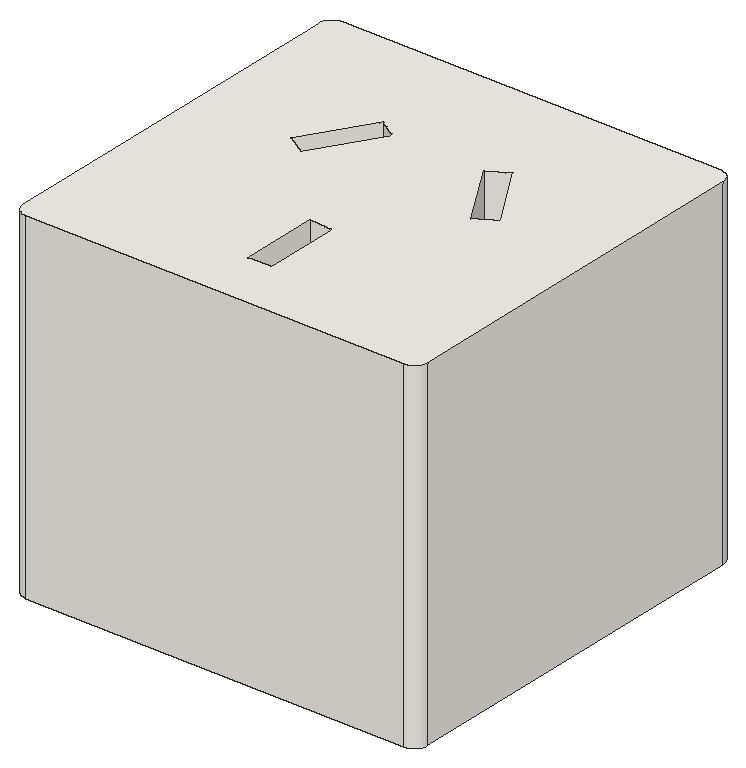
Revit family "Domotics-DomesticRanges-GEWISS-CHORUS_POWER-SOCKET-OUTLET_CHINA", category Apparecchi elettrici, host Superficie, Revit 2016
Family settings
  Host = Superficie
  Mantenere orientamento annotazione = Sì
  Tipo di parte = Normale
  Quota connettore circolare = Usa diametro
  Taglio con vuoti quando caricato = Sì
  Condiviso = Sì
  Punto di calcolo locali = Sì
Parameters (values of type "GW14392 - CHINESE STD 2P+E 16A CH/TI")
  Volt = 230 V
  Vista in pianta [instance] = yes
  Version file RFA = "19.0"
  URL = "https://www.gewiss.com/ww/en"
  Technical sheet = "https://www.gewiss.com/ww/en/search?q=GW14392"
  TXT ELETTRICO = "16"
  TIPO_ = Chorus Prese Australia_GENERICO : GW14307 Presa 2M 2P+T 15A standard Australiano titanio
  Simbolo [instance] = yes
  Realized by GEWISS S.p.A. = ""
  Default Elevation = 1219.2 mm
  Produttore = "GEWISS S.p.A."
  Offset presa [instance] = 0 mm
  Offset bidimensionale [instance] = 2 mm
  N. poli = 1
  Modello = "GW14392"
  Immagine tipo = GW14392.jpg
  IFC.TypeObject = ""
  IFC.ExportType = ""
  IFC.ExportAs = ""
  IDT = "aaf2509b-0dc0-40c7-94b0-3c64b419fe1f"
  IDF = "14ab5456-2b76-4947-be2c-9dddb89139cf"
  Finitura = GEWISS TITANIO
  Electrocod = "0131                "
  EAN code = "8011564445062"
  Distanza_x [instance] = 0 mm
  Distanza_effettiva_x [instance] = 1000 mm - Distanza_x  # 1000 mm
  Descrizione = "CHINESE STD 2P+E 16A CH/TI"
  Catalogue Range = "CHORUS - DOMESTIC RANGE"
  Catalogue = "DOMOTICS"
  Carico apparente = 0 VA
  COBie.Tagnumber = ""
  COBie.CreatedOn = ""
  COBie.CreatebBy = ""
  COBie.ComponentRegisterItemID = ""
  COBie.Component.TagNumber = ""
  COBie.Component.Space = ""
  COBie.Component.SerialNumber = ""
  COBie.Component.InstallationDate = ""
  COBie.Component.Description = ""
  COBie.Component.BarCode = ""
Types (6, lengths in mm): name | Technical sheet | TXT ELETTRICO | TIPO_ | Modello | Immagine tipo | IDT | Finitura | EAN code | Descrizione
  GW10391 - CHINESE STD 2P+E 10A CH/WT | "https://www.gewiss.com/ww/en/search?q=GW10391" | "10" | Chorus Prese Australia_GENERICO : GW10306 Presa 2M 2P+T 10A standard Australiano bianco | "GW10391" | GW10391.jpg | "132cb7bb-fa1a-4216-a1ee-2915bed79d81" | GEWISS BIANCO | "8011564445017" | "CHINESE STD 2P+E 10A CH/WT"
  GW10392 - CHINESE STD 2P+E 16A CH/WT | "https://www.gewiss.com/ww/en/search?q=GW10392" | "16" | Chorus Prese Australia_GENERICO : GW10307 Presa 2M 2P+T 15A standard Australiano bianco | "GW10392" | GW10392.jpg | "20cc2ec2-02a8-4027-a97f-1b627607af1f" | GEWISS BIANCO | "8011564445048" | "CHINESE STD 2P+E 16A CH/WT"
  GW12391 - CHINESE STD 2P+E 10A CH/BK | "https://www.gewiss.com/ww/en/search?q=GW12391" | "10" | Chorus Prese Australia_GENERICO : GW12306 Presa 2M 2P+T 10A standard Australiano nero | "GW12391" | GW12391.jpg | "db8c6ee2-33aa-40ad-b95c-b8558b23acd8" | GEWISS NERO | "8011564445024" | "CHINESE STD 2P+E 10A CH/BK"
  GW12392 - CHINESE STD 2P+E 16A CH/BK | "https://www.gewiss.com/ww/en/search?q=GW12392" | "16" | Chorus Prese Australia_GENERICO : GW12307 Presa 2M 2P+T 15A standard Australiano nero | "GW12392" | GW12392.jpg | "95d89cdc-7e31-4b78-9a5f-e7e7c2a5d3b4" | GEWISS NERO | "8011564445055" | "CHINESE STD 2P+E 16A CH/BK"
  GW14391 - CHINESE STD 2P+E 10A CH/TI | "https://www.gewiss.com/ww/en/search?q=GW14391" | "10" | Chorus Prese Australia_GENERICO : GW14306 Presa 2M 2P+T 10A standard Australiano titanio | "GW14391" | GW14391.jpg | "4a79c63e-dc43-4889-b7ea-e78446ceac77" | GEWISS TITANIO | "8011564445031" | "CHINESE STD 2P+E 10A CH/TI"
  GW14392 - CHINESE STD 2P+E 16A CH/TI | "https://www.gewiss.com/ww/en/search?q=GW14392" | "16" | Chorus Prese Australia_GENERICO : GW14307 Presa 2M 2P+T 15A standard Australiano titanio | "GW14392" | GW14392.jpg | "aaf2509b-0dc0-40c7-94b0-3c64b419fe1f" | GEWISS TITANIO | "8011564445062" | "CHINESE STD 2P+E 16A CH/TI"
Reference planes
  plane 1 "Centro (Fronte/Retro)": y = 0
  plane 2: z = 0
  plane 3 "Centro (Sinistra/Destra)": x = 0
  plane 4: x = -1000
  plane 5: x = 0
  plane 6: z = 0
  plane 7: z = 41
  plane 8: z = 39
Lines and regions (mm)
  Masking region 1, visible <- "Vista in pianta"
    outline origin (0, 0, 0) x (1, 0, 0) y (0, 1, 0)
      loop
        line (-23, 21) -> (-23, -21)
        arc (-23, -21) -> (-22.561, -22.061) -> (-21.5, -22.5) r 1.5
        line (-21.5, -22.5) -> (21.5, -22.5)
        arc (21.5, -22.5) -> (22.561, -22.061) -> (23, -21) r 1.5
        line (23, -21) -> (23, 21)
        arc (23, 21) -> (22.561, 22.061) -> (21.5, 22.5) r 1.5
        line (21.5, 22.5) -> (-21.5, 22.5)
        arc (-21.5, 22.5) -> (-22.561, 22.061) -> (-23, 21) r 1.5
      loop
        line (-1.339, -7.4) -> (-1.339, -16.128) -> (1.296, -16.128) -> (1.296, -7.4) -> (-1.339, -7.4)
      loop
        line (-9.737, 1.803) -> (-5.184, 9.25) -> (-7.432, 10.625) -> (-11.985, 3.178) -> (-9.737, 1.803)
      loop
        line (7.39, 10.625) -> (5.142, 9.25) -> (9.695, 1.803) -> (11.943, 3.178) -> (7.39, 10.625)
  Masking region 2, visible <- "Vista in pianta"
    outline origin (0, 0, 0) x (1, 0, 0) y (0, 0, 1)
      loop
        line (-23, 39) -> (-23, 0) -> (23, 0) -> (23, 39) -> (-23, 39)
  Masking region 3, visible <- "Vista in pianta"
    outline origin (0, 0, 0) x (0, 1, 0) y (0, 0, 1)
      loop
        line (-22.5, 39) -> (-22.5, 0) -> (22.5, 0) -> (22.5, 39) -> (-22.5, 39)
Dimensions and locks
  plane 4 to plane 3 "Centro (Sinistra/Destra)" = 1000 mm
  "Distanza_effettiva_x": plane 4 to plane 5
  "Offset presa": plane 6 to host face
  locked: plane 8 to plane 6 at 39
  "Offset bidimensionale": plane 7 to plane 8
  aligned and locked: plane 2 to host face
  aligned and locked: level to host face
  aligned and locked: plane 5 to nested 1
  aligned and locked: plane 3 "Centro (Sinistra/Destra)" to nested 2
  aligned and locked: plane 1 "Centro (Fronte/Retro)" to nested 2
  aligned and locked: nested 2 to plane 6
  aligned and locked: nested 2 to plane 8
  aligned and locked: Masking region 1 sketch curve to nested 2  (x4)
  aligned and locked: plane 7 to import instance
  aligned and locked: Masking region 2 sketch curve to nested 2  (x2)
  aligned and locked: plane 8 to Masking region 2 sketch curve
  aligned and locked: plane 6 to Masking region 2 sketch curve
  aligned and locked: Masking region 3 sketch curve to nested 2  (x2)
  aligned and locked: plane 8 to Masking region 3 sketch curve
  aligned and locked: plane 6 to Masking region 3 sketch curve
Automatic sketch dimensions
  host sketch curve to host sketch curve = 2438.4 mm  (x2)
  Masking region 1 sketch curve to Masking region 1 sketch curve = 1.5 mm  (x4)
  Masking region 1 sketch curve to plane 3 "Centro (Sinistra/Destra)" = 1.339 mm
  plane 1 "Centro (Fronte/Retro)" to Masking region 1 sketch curve = 7.4 mm
  plane 3 "Centro (Sinistra/Destra)" to Masking region 1 sketch curve = 1.296 mm
  Masking region 1 sketch curve to Masking region 1 sketch curve = 8.729 mm
  Masking region 1 sketch curve to plane 3 "Centro (Sinistra/Destra)" = 7.432 mm
  Masking region 1 sketch curve to Masking region 1 sketch curve = 2.248 mm  (x2)
  Masking region 1 sketch curve to plane 1 "Centro (Fronte/Retro)" = 9.25 mm
  Masking region 1 sketch curve to Masking region 1 sketch curve = 1.374 mm
  Masking region 1 sketch curve to plane 1 "Centro (Fronte/Retro)" = 1.803 mm  (x2)
  plane 3 "Centro (Sinistra/Destra)" to Masking region 1 sketch curve = 5.142 mm
  Masking region 1 sketch curve to Masking region 1 sketch curve = 4.553 mm
  Masking region 1 sketch curve to plane 1 "Centro (Fronte/Retro)" = 3.178 mm
Nested families
  nested 1: "SIMBOLO PRESE" at (0, 100, 0), TESTO ELETTRICO <- "TXT ELETTRICO", SIMBOLO <- "Simbolo", visible <- "Simbolo", type "PRESA"
    with TESTO ELETTRICO "16", SIMBOLO yes, Distanza dal muro 4.208 mm, BORDO ACCESO yes
  nested 2: "Chorus Prese Australia_GENERICO" at (0, 0, 0), type "GW10306 Presa 2M 2P+T 10A standard Australiano bianco", detail levels medium+fine
Connectors
  electrical at (0, 0, 0), driven by "N. poli", driven by "Volt", driven by "Carico apparente"
    settings: on nested 2, index 1, voltage 230 V, apparent load 0 VA, apparent load phase1 0 VA, apparent load phase2 0 VA, apparent load phase3 0 VA, power factor 1, load classification "Altro", number of poles 1, system type 31, power factor state 1, is connector primary yes, connector utility no, sub classification motor no, connector description ""
Definition of nested family "Chorus Prese Australia_GENERICO"
  Parameters (values of type "GW10306 Presa 2M 2P+T 10A standard Australiano bianco")
    Profondità presa = 39 mm
    Finitura Prese Israele = none
    Altezza da Terra = 750 mm
  Types (6): name
    GW10306 Presa 2M 2P+T 10A standard Australiano bianco
    GW10307 Presa 2M 2P+T 15A standard Australiano bianco
    GW12306 Presa 2M 2P+T 10A standard Australiano nero
    GW12307 Presa 2M 2P+T 15A standard Australiano nero
    GW14306 Presa 2M 2P+T 10A standard Australiano titanio
    GW14307 Presa 2M 2P+T 15A standard Australiano titanio
  Reference planes
    plane 1 "Centro (Fronte/Retro)": y = 0
    plane 2: z = 0
    plane 3 "Centro (Sinistra/Destra)": x = 0
    plane 4: z = 39
  Forms (mm)
    Extrusion 1, solid, material <- "Finitura Prese Israele"
      sketch origin (-51.637, -807.976, 7.5) x (1, 0, 0) y (0, 1, 0)
        loop
          arc (30.137, 830.476) -> (29.077, 830.037) -> (28.637, 828.976) r 1.5
          line (28.637, 828.976) -> (28.637, 786.976)
          arc (28.637, 786.976) -> (29.077, 785.916) -> (30.137, 785.476) r 1.5
          line (30.137, 785.476) -> (73.137, 785.476)
          arc (73.137, 785.476) -> (74.198, 785.916) -> (74.637, 786.976) r 1.5
          line (74.637, 786.976) -> (74.637, 828.976)
          arc (74.637, 828.976) -> (74.198, 830.037) -> (73.137, 830.476) r 1.5
          line (73.137, 830.476) -> (30.137, 830.476)
      from 31.5 to -7.5
    Extrusion 2, void
      sketch origin (0, 0, 0) x (1, 0, 0) y (0, 1, 0)
        loop
          line (-7.432, 10.625) -> (-11.985, 3.178) -> (-9.737, 1.803) -> (-5.184, 9.25) -> (-7.432, 10.625)
        loop
          line (5.142, 9.25) -> (9.695, 1.803) -> (11.943, 3.178) -> (7.39, 10.625) -> (5.142, 9.25)
        loop
          line (1.296, -7.4) -> (-1.339, -7.4) -> (-1.339, -16.128) -> (1.296, -16.128) -> (1.296, -7.4)
      from 29 to 39
  Cuts and joins
    Extrusion 2 cuts Extrusion 1
  Dimensions and locks
    "Profondità presa": plane 4 to level
    aligned and locked: level to plane 2
    aligned and locked: plane 4 to cut or joined group of Extrusion 1, Extrusion 2
    aligned and locked: Extrusion 1 to Extrusion 2
  Automatic sketch dimensions
    Extrusion 1 sketch curve to plane 3 "Centro (Sinistra/Destra)" = 23 mm
    Extrusion 1 sketch curve to Extrusion 1 sketch curve = 1.5 mm  (x3)
    plane 3 "Centro (Sinistra/Destra)" to Extrusion 1 sketch curve = 21.5 mm  (x2)
    plane 1 "Centro (Fronte/Retro)" to Extrusion 1 sketch curve = 22.5 mm
    Extrusion 1 sketch curve to plane 1 "Centro (Fronte/Retro)" = 21 mm
    Extrusion 2 sketch curve to plane 3 "Centro (Sinistra/Destra)" = 7.432 mm
    Extrusion 2 sketch curve to plane 1 "Centro (Fronte/Retro)" = 3.178 mm  (x2)
    Extrusion 2 sketch curve to Extrusion 2 sketch curve = 4.553 mm  (x2)
    Extrusion 2 sketch curve to Extrusion 2 sketch curve = 2.248 mm  (x2)
    Extrusion 2 sketch curve to plane 1 "Centro (Fronte/Retro)" = 1.803 mm  (x2)
    plane 3 "Centro (Sinistra/Destra)" to Extrusion 2 sketch curve = 5.142 mm
    plane 3 "Centro (Sinistra/Destra)" to Extrusion 2 sketch curve = 1.296 mm
    plane 1 "Centro (Fronte/Retro)" to Extrusion 2 sketch curve = 7.4 mm
    Extrusion 2 sketch curve to plane 3 "Centro (Sinistra/Destra)" = 1.339 mm
    Extrusion 2 sketch curve to Extrusion 2 sketch curve = 8.729 mm
Definition of nested family "SIMBOLO PRESE"
  Parameters (values of type "PRESA")
    TESTO ELETTRICO [instance] = "TXT"
    Simbolo = SIMBOLO PRESE_BASE : PRESA
    SIMBOLO [instance] = yes
    Distanza dal muro [instance] = 4.208 mm
    BORDO ACCESO [instance] = yes
  Reference planes
    plane 1: y = 0
    plane 2: x = 0
  Dimensions and locks
    aligned and locked: plane 1 to nested 1
    aligned and locked: plane 2 to nested 1
  Nested families
    nested 1: "SIMBOLO PRESE_BASE" at (0, 0, 0), type <- "Simbolo", TESTO ELETTRICO <- "TESTO ELETTRICO", BORDO ACCESO <- "BORDO ACCESO", visible <- "SIMBOLO", type "PRESA"
      with TESTO ELETTRICO "TXT", BORDO ACCESO yes
  Definition of nested family "SIMBOLO PRESE_BASE"
    Parameters (values of type "PRESA")
      TESTO ELETTRICO [instance] = "TXT"
      Distanza dal muro = 4.208 mm
      BORDO ACCESO [instance] = yes
    Reference planes
      plane 1: y = 0
      plane 2: x = 0
    Lines and regions (mm)
      detail lines, visible <- "BORDO ACCESO", not visible
        curve 1: line (-1.743, 9.208, 0) -> (2.057, 9.208, 0)
        curve 2: line (2.057, 9.208, 0) -> (2.057, 4.208, 0)
        curve 3: line (2.057, 4.208, 0) -> (-1.743, 4.208, 0)
        curve 4: line (-1.743, 4.208, 0) -> (-1.743, 9.208, 0)
        curve 5: line (-1.543, 9.008, 0) -> (1.857, 9.008, 0)
        curve 6: line (1.857, 9.008, 0) -> (1.857, 4.408, 0)
        curve 7: line (1.857, 4.408, 0) -> (-1.543, 4.408, 0)
        curve 8: line (-1.543, 4.408, 0) -> (-1.543, 9.008, 0)
      detail lines
        curve 9: line (0.783, 1.133, 0) -> (-0.783, 1.133, 0)
        curve 10: line (0, 1.133, 0) -> (0, 0.349, 0)
        curve 11: arc (-0.783, 1.916, 0) -> (0, 1.133, 0) -> (0.783, 1.916, 0) r 0.783
    Text (mm)
      label "TXT" at (0.016, 1.578, 0), shows "TESTO ELETTRICO"
